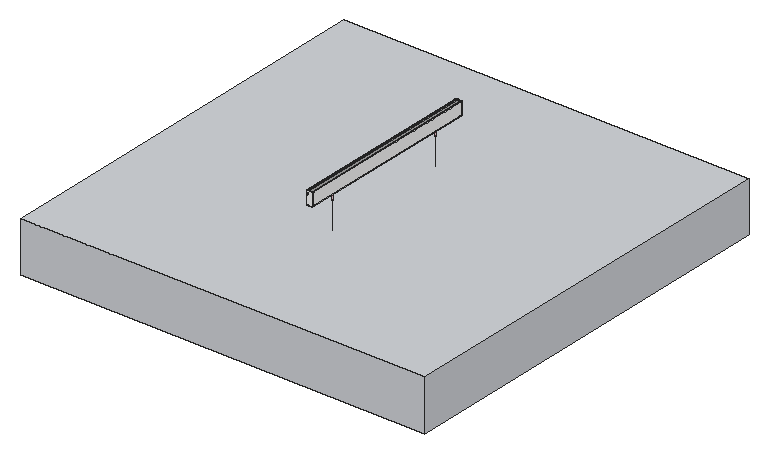
Revit family "LAMP_FIL 35 1120MM OPAL SUSPENDED", category Luminarias, Revit 2018
Family settings
  Anfitrión = Cara
  Cota de conector redondo = Diámetro de uso
  Tipo de pieza = Normal
  Corte con vacíos al cargar = No
  Origen de luz = Sí
  Compartido = No
  Punto de cálculo de habitación = No
Parameters (values of type "1216LM 3000K  BLACK")
  Ángulo de inclinación = -90.00°
  Weight = 2.435 kg
  Wattage = 12.1 W
  Type = "MID POWER TRIDONIC"
  built-in parameter 1150107 = 3000 (stored number, unit not read)
  NOT COVER 2 [instance] = not(END COVER 2)  # no
  NOT COVER 1 [instance] = not(END COVER 1)  # no
  END COVER 2 [instance] = yes
  END COVER 1 [instance] = yes
  Suspension distance [instance] = if(Suspension > 4000 mm, 4000 mm, if(Suspension < 1 mm, 1 mm, Suspension))  # 200 mm
  Suspension [instance] = 200 mm
  built-in parameter 1150110 = 1 (stored number, unit not read)
  built-in parameter 1150109 = 1 (stored number, unit not read)
  built-in parameter 1150112 = 1 (stored number, unit not read)
  built-in parameter 1150113 = 1 (stored number, unit not read)
  built-in parameter 1114218 = 1 (stored number, unit not read)
  Protection rating = "IP20 / IK07"
  Product datasheet = "http://www.lamp.es/product-files/TECH/F31SF112LOOP830NB-EN.pdf"
  Product code = "F31SF112LOOP830NB"
  Product URL = "https://www.lamp.es/en/family/fil-35_413911"
  Power Supply = "220-240V 50/60Hz"
  Power = 11 W
  Plum = 12.1 W
  Photobiological risk = ""
  built-in parameter 1150137 = (empty or 0)
  built-in parameter 1150132 = 2
  Modelo = Product code  # "F31SF112LOOP830NB"
  Model Explanation = ""
  Material suspension = LAMP_Acero genérico
  Material perfil = LAMP_Aluminio Perfil Fil NG
  Material difusor = LAMP_PC Difusor Opal Fil
  Manufacturer name = "LAMP"
  Manufacturer country = "Spain"
  Manufacturer URL = "http://www.lamp.es/en"
  MacAdam = "3"
  Longitud de línea de emisión = 1120 mm
  Last update = "28/04/2021"
  Lamp = "MID-POWER LED"
  LED Lifetime = "50.000 L90 B10"
  built-in parameter 1150105 = 480.53 (stored number, unit not read)
  built-in parameter 1150102 = (empty or 0)
  Insulation class = "I"
  Installation instructions = "https://www.lamp.es/product-files/INS/1004590-A%20INSTR.%20FIL35.pdf"
  built-in parameter 1150106 = 4.8053 (stored number, unit not read)
  IEE = "A+"
  Gear = "Electronic"
  Lumens = 1216.05 lm
  Finish = "Matte black RAL 9011"
  Color Filter = 16777215
  built-in parameter 1114217 = 1 (stored number, unit not read)
  built-in parameter 1150139 = (empty or 0)
  Fabricante = Manufacturer name  # "LAMP"
  Default Elevation = 1219.2 mm
  built-in parameter 1150104 = 9.3368 (stored number, unit not read)
  Efficacy = 100.5 lm/W
  Dimensions = "1120x35x80"
  Descripción = "FIL35 SUR 1120 1600 WW OPAL BK."
  built-in parameter 1150115 = 1 (stored number, unit not read)
  built-in parameter 1150114 = 1 (stored number, unit not read)
  built-in parameter 1150138 = (empty or 0)
  built-in parameter 1150134 = 3
  Dimming Lamp Color Temperature Shift = (empty or 0)
  CRI = "80"
  Archivo de red fotométrica = "F31SF112LOOP830NB.IES"
  built-in parameter 1150133 = 10 (stored number, unit not read)
Types (12, lengths in mm): name | built-in parameter 1150107 | Product datasheet | Product code | Modelo | Material perfil | Finish | Descripción | Archivo de red fotométrica
  1216LM 3000K DALI BLACK | 3000 (stored number, unit not read) | "http://www.lamp.es/product-files/TECH/F31SF112LOOP830DB-EN.pdf" | "F31SF112LOOP830DB" | "F31SF112LOOP830DB" | LAMP_Aluminio Perfil Fil NG | "Matte black RAL 9011" | "FIL35 SUR 1120 1600 WW OPAL DALI BK." | "F31SF112LOOP830nB.IES"
  1216LM 3000K DALI GREY | 3000 (stored number, unit not read) | "http://www.lamp.es/product-files/TECH/F31SF112LOOP830DG-EN.pdf" | "F31SF112LOOP830DG" | "F31SF112LOOP830DG" | LAMP_Aluminio Perfil Fil GR | "Gloss grey" | "FIL35 SUR 1120 1600 WW OPAL DALI GR." | "F31SF112LOOP830nG.IES"
  1216LM 3000K DALI WHITE | 3000 (stored number, unit not read) | "http://www.lamp.es/product-files/TECH/F31SF112LOOP830DW-EN.pdf" | "F31SF112LOOP830DW" | "F31SF112LOOP830DW" | LAMP_Aluminio Perfil Fil BL | "Matte white RAL 9010" | "FIL35 SUR 1120 1600 WW OPAL DALI WH." | "F31SF112LOOP830nW.IES"
  1216LM 3000K  BLACK | 3000 (stored number, unit not read) | "http://www.lamp.es/product-files/TECH/F31SF112LOOP830NB-EN.pdf" | "F31SF112LOOP830NB" | "F31SF112LOOP830NB" | LAMP_Aluminio Perfil Fil NG | "Matte black RAL 9011" | "FIL35 SUR 1120 1600 WW OPAL BK." | "F31SF112LOOP830NB.IES"
  1216LM 3000K  GREY | 3000 (stored number, unit not read) | "http://www.lamp.es/product-files/TECH/F31SF112LOOP830NG-EN.pdf" | "F31SF112LOOP830NG" | "F31SF112LOOP830NG" | LAMP_Aluminio Perfil Fil GR | "Gloss grey" | "FIL35 SUR 1120 1600 WW OPAL GR." | "F31SF112LOOP830NG.IES"
  1216LM 3000K  WHITE | 3000 (stored number, unit not read) | "http://www.lamp.es/product-files/TECH/F31SF112LOOP830NW-EN.pdf" | "F31SF112LOOP830NW" | "F31SF112LOOP830NW" | LAMP_Aluminio Perfil Fil BL | "Matte white RAL 9010" | "FIL35 SUR 1120 1600 WW OPAL WH." | "F31SF112LOOP830NW.IES"
  1216LM 4000K DALI BLACK | 4000 (stored number, unit not read) | "http://www.lamp.es/product-files/TECH/F31SF112LOOP840DB-EN.pdf" | "F31SF112LOOP840DB" | "F31SF112LOOP840DB" | LAMP_Aluminio Perfil Fil NG | "Matte black RAL 9011" | "FIL35 SUR 1120 1600 NW OPAL DALI BK." | "F31SF112LOOP840nB.IES"
  1216LM 4000K DALI GREY | 4000 (stored number, unit not read) | "http://www.lamp.es/product-files/TECH/F31SF112LOOP840DG-EN.pdf" | "F31SF112LOOP840DG" | "F31SF112LOOP840DG" | LAMP_Aluminio Perfil Fil GR | "Gloss grey" | "FIL35 SUR 1120 1600 NW OPAL DALI GR." | "F31SF112LOOP840nG.IES"
  1216LM 4000K DALI WHITE | 4000 (stored number, unit not read) | "http://www.lamp.es/product-files/TECH/F31SF112LOOP840DW-EN.pdf" | "F31SF112LOOP840DW" | "F31SF112LOOP840DW" | LAMP_Aluminio Perfil Fil BL | "Matte white RAL 9010" | "FIL35 SUR 1120 1600 NW OPAL DALI WH." | "F31SF112LOOP840nW.IES"
  1216LM 4000K  BLACK | 4000 (stored number, unit not read) | "http://www.lamp.es/product-files/TECH/F31SF112LOOP840NB-EN.pdf" | "F31SF112LOOP840NB" | "F31SF112LOOP840NB" | LAMP_Aluminio Perfil Fil NG | "Matte black RAL 9011" | "FIL35 SUR 1120 1600 NW OPAL BK." | "F31SF112LOOP840NB.IES"
  1216LM 4000K  GREY | 4000 (stored number, unit not read) | "http://www.lamp.es/product-files/TECH/F31SF112LOOP840NG-EN.pdf" | "F31SF112LOOP840NG" | "F31SF112LOOP840NG" | LAMP_Aluminio Perfil Fil GR | "Gloss grey" | "FIL35 SUR 1120 1600 NW OPAL GR." | "F31SF112LOOP840NG.IES"
  1216LM 4000K  WHITE | 4000 (stored number, unit not read) | "http://www.lamp.es/product-files/TECH/F31SF112LOOP840NW-EN.pdf" | "F31SF112LOOP840NW" | "F31SF112LOOP840NW" | LAMP_Aluminio Perfil Fil BL | "Matte white RAL 9010" | "FIL35 SUR 1120 1600 NW OPAL WH." | "F31SF112LOOP840NW.IES"
Reference planes
  plane 1 "Centro (Frontal/Posterior)": y = 0
  plane 2: z = 0
  plane 3 "Centro (Izquierda/Derecha)": x = 0
Forms (mm)
  Extrusion 1, solid
    sketch origin (0, 0, 0) x (1, 0, 0) y (0, 1, 0)
      loop
        line (-1219.2, 1219.2) -> (-1219.2, -1219.2) -> (1219.2, -1219.2) -> (1219.2, 1219.2) -> (-1219.2, 1219.2)
    from 0 to -304.8
  Extrusion 2, solid, material "LAMP_Aluminio Perfil Fil NG" <- "Material perfil"
    sketch origin (0, 0, 0) x (1, 0, 0) y (0, 0, 1)
      loop
        arc (17.75, 285.7) -> (16.75, 286.7) -> (15.75, 285.7) r 1
        line (15.75, 285.7) -> (15.75, 284.2) -> (13.95, 284.2) -> (13.95, 259) -> (0, 259) -> (-13.95, 259) -> (-13.95, 284.2) -> (-15.75, 284.2) -> (-15.75, 285.7)
        arc (-15.75, 285.7) -> (-16.75, 286.7) -> (-17.75, 285.7) r 1
        line (-17.75, 285.7) -> (-17.75, 206.5) -> (-16.75, 206.5) -> (-16.75, 209.7) -> (-12.5, 209.7) -> (-12.5, 207.7) -> (-14.8, 207.7) -> (-13.6, 206.5) -> (-11, 206.5) -> (-11, 214.5) -> (0, 214.5) -> (11, 214.5) -> (11, 206.5) -> (13.6, 206.5) -> (14.8, 207.7) -> (12.5, 207.7) -> (12.5, 209.7) -> (16.75, 209.7) -> (16.75, 206.5) -> (17.75, 206.5) -> (17.75, 285.7)
    from -560 to 560
  Extrusion 3, solid, material "LAMP_Acero genérico" <- "Material suspension"
    sketch origin (0, 0, 0) x (1, 0, 0) y (0, 0, 1)
      loop
        line (-12.5, 201) -> (-15.291, 208.272) -> (-13.251, 209.7) -> (-14.251, 209.7) -> (-16.291, 208.272) -> (-13.116, 200) -> (0, 200) -> (13.116, 200) -> (16.291, 208.272) -> (14.251, 209.7) -> (13.251, 209.7) -> (15.291, 208.272) -> (12.5, 201) -> (0, 201) -> (-12.5, 201)
    from -400 to -378
  Extrusion 4, solid, material "LAMP_Acero genérico" <- "Material suspension"
    sketch origin (0, -24, 0) x (1, 0, 0) y (0, 1, 0)
      loop
        circle (0, -365) r 5
    from 163.2 to 200
  Extrusion 5, solid, material "LAMP_Acero genérico" <- "Material suspension"
    sketch origin (0, 24, 0) x (1, 0, 0) y (0, 1, 0)
      loop
        circle (0, 365) r 5
    from 163.2 to 200
  Extrusion 6, solid, material "LAMP_Acero genérico" <- "Material suspension"
    sketch origin (0, 0, 0) x (1, 0, 0) y (0, 1, 0)
      loop
        circle (0, -389) r 1
    from 0 to 163.2
  Extrusion 7, solid, material "LAMP_Acero genérico" <- "Material suspension"
    sketch origin (0, 0, 0) x (1, 0, 0) y (0, 1, 0)
      loop
        circle (0, 389) r 1
    from 0 to 163.2
  Extrusion 8, solid, material "LAMP_PC Difusor Opal Fil" <- "Material difusor"
    sketch origin (0, 0, -200) x (1, 0, 0) y (0, 0, 1)
      loop
        line (-15.75, 484.2) -> (0, 484.2) -> (15.75, 484.2) -> (15.75, 486.7) -> (0, 486.7) -> (-15.75, 486.7) -> (-15.75, 484.2)
    from -560 to 560
  Extrusion 9, solid, material "LAMP_Acero genérico" <- "Material suspension"
    sketch origin (0, 0, 0) x (1, 0, 0) y (0, 0, -1)
      loop
        line (-12.5, -201) -> (0, -201) -> (12.5, -201) -> (15.291, -208.272) -> (13.251, -209.7) -> (14.251, -209.7) -> (16.291, -208.272) -> (13.116, -200) -> (0, -200) -> (-13.116, -200) -> (-16.291, -208.272) -> (-14.251, -209.7) -> (-13.251, -209.7) -> (-15.291, -208.272) -> (-12.5, -201)
    from -400 to -378
  Extrusion 10, solid, material "LAMP_PC Difusor Opal Fil" <- "Material difusor"
    sketch origin (0, 0, 0) x (1, 0, 0) y (0, 0, 1)
      loop
        line (-11, 214.5) -> (-11, 206.5) -> (-7.529, 206.5) -> (11, 206.5) -> (11, 214.5) -> (10, 214.5) -> (10, 207.5) -> (-10, 207.5) -> (-10, 214.5) -> (-11, 214.5)
    from -560 to 560
Lines and regions (mm)
  reference lines
    curve 1: line (0, -445.47, 200) -> (0, 544.53, 200)
Text (mm)
  text "Any modification of the parameters and properties of the LAMP BIM models must be executed and validated by the LAMP technical department.\nPhone: +34 93 736 68 00\nE-mail: lamp@lamp.es\n\nLAMP reserves the right to modify the technical specifications of its products." at (3252.211, 5261.782, -2790.614), in view "Preview"
Dimensions and locks
  "Suspension distance": level to curve 1
  locked: Extrusion 4 to Extrusion 4 at 36.8
  locked: Extrusion 5 to Extrusion 5 at 36.8
  aligned and locked: plane 2 to Extrusion 1
  aligned and locked: level to Extrusion 1
  aligned and locked: curve 1 to Extrusion 9
  aligned and locked: curve 1 to Extrusion 3
  aligned and locked: Extrusion 4 to curve 1
  aligned and locked: Extrusion 5 to curve 1
  aligned and locked: Extrusion 6 to Extrusion 4
  aligned and locked: Extrusion 7 to Extrusion 5
  aligned and locked: Extrusion 2 to Extrusion 9
  aligned and locked: Extrusion 10 to Extrusion 2
  aligned and locked: Extrusion 8 to Extrusion 2
  aligned and locked: imposter light to Extrusion 8
  aligned and locked: Extrusion 2 to nested 1
  aligned and locked: nested 2 to Extrusion 2
Automatic sketch dimensions
  Extrusion 1 sketch curve to Extrusion 1 sketch curve = 2438.4 mm  (x2)
  Extrusion 4 sketch curve to plane 3 "Centro (Izquierda/Derecha)" = 0 mm
  plane 1 "Centro (Frontal/Posterior)" to Extrusion 4 sketch curve = 389 mm
  Extrusion 5 sketch curve to plane 3 "Centro (Izquierda/Derecha)" = 0 mm
  plane 1 "Centro (Frontal/Posterior)" to Extrusion 5 sketch curve = 389 mm
  Extrusion 6 sketch curve to plane 3 "Centro (Izquierda/Derecha)" = 0 mm
  plane 1 "Centro (Frontal/Posterior)" to Extrusion 6 sketch curve = 389 mm
  Extrusion 7 sketch curve to plane 3 "Centro (Izquierda/Derecha)" = 0 mm
  plane 1 "Centro (Frontal/Posterior)" to Extrusion 7 sketch curve = 389 mm
  Extrusion 10 sketch curve to plane 3 "Centro (Izquierda/Derecha)" = 11 mm
  Extrusion 10 sketch curve to Extrusion 10 sketch curve = 1 mm  (x3)
  Extrusion 10 sketch curve to Extrusion 10 sketch curve = 2.471 mm
  plane 3 "Centro (Izquierda/Derecha)" to Extrusion 10 sketch curve = 10 mm
  level to Extrusion 10 sketch curve = 206.5 mm
  Extrusion 10 sketch curve to Extrusion 10 sketch curve = 7 mm  (x2)
  Extrusion 2 sketch curve to plane 3 "Centro (Izquierda/Derecha)" = 0 mm  (x2)
  Extrusion 2 sketch curve to Extrusion 2 sketch curve = 11 mm
  Extrusion 2 sketch curve to Extrusion 2 sketch curve = 1.5 mm  (x4)
  Extrusion 2 sketch curve to Extrusion 2 sketch curve = 1.1 mm  (x2)
  Extrusion 2 sketch curve to plane 3 "Centro (Izquierda/Derecha)" = 13.95 mm
  Extrusion 2 sketch curve to Extrusion 2 sketch curve = 1.2 mm  (x4)
  Extrusion 2 sketch curve to Extrusion 2 sketch curve = 1.8 mm  (x2)
  Extrusion 2 sketch curve to Extrusion 2 sketch curve = 1 mm  (x3)
  plane 3 "Centro (Izquierda/Derecha)" to Extrusion 2 sketch curve = 11 mm
  plane 3 "Centro (Izquierda/Derecha)" to Extrusion 2 sketch curve = 13.95 mm
  Extrusion 2 sketch curve to Extrusion 2 sketch curve = 1.95 mm
  level to Extrusion 2 sketch curve = 206.5 mm
  Extrusion 2 sketch curve to Extrusion 2 sketch curve = 0 mm  (x3)
  Extrusion 2 sketch curve to Extrusion 2 sketch curve = 2 mm  (x2)
  Extrusion 2 sketch curve to Extrusion 2 sketch curve = 4.8 mm
  Extrusion 2 sketch curve to Extrusion 2 sketch curve = 44.5 mm
  Extrusion 2 sketch curve to Extrusion 2 sketch curve = 25.2 mm
  Extrusion 2 sketch curve to Extrusion 2 sketch curve = 26.7 mm
  Extrusion 8 sketch curve to plane 3 "Centro (Izquierda/Derecha)" = 0 mm  (x2)
  Extrusion 8 sketch curve to Extrusion 8 sketch curve = 15.75 mm
  plane 3 "Centro (Izquierda/Derecha)" to Extrusion 8 sketch curve = 15.75 mm
  level to Extrusion 8 sketch curve = 284.2 mm
  Extrusion 9 sketch curve to plane 3 "Centro (Izquierda/Derecha)" = 0 mm  (x2)
  Extrusion 9 sketch curve to Extrusion 9 sketch curve = 12.5 mm
  Extrusion 9 sketch curve to Extrusion 9 sketch curve = 0.616 mm  (x2)
  Extrusion 9 sketch curve to Extrusion 9 sketch curve = 0.751 mm  (x2)
  Extrusion 9 sketch curve to Extrusion 9 sketch curve = 1 mm  (x5)
  Extrusion 9 sketch curve to Extrusion 9 sketch curve = 1.04 mm  (x2)
  plane 3 "Centro (Izquierda/Derecha)" to Extrusion 9 sketch curve = 12.5 mm
  level to Extrusion 9 sketch curve = 209.7 mm
  Extrusion 9 sketch curve to Extrusion 9 sketch curve = 0 mm  (x3)
  Extrusion 9 sketch curve to Extrusion 9 sketch curve = 1.428 mm  (x2)
  Extrusion 9 sketch curve to Extrusion 9 sketch curve = 7.272 mm
  Extrusion 3 sketch curve to plane 3 "Centro (Izquierda/Derecha)" = 0 mm  (x2)
  Extrusion 3 sketch curve to Extrusion 3 sketch curve = 12.5 mm
  Extrusion 3 sketch curve to Extrusion 3 sketch curve = 0.616 mm  (x2)
  Extrusion 3 sketch curve to Extrusion 3 sketch curve = 0.751 mm  (x2)
  Extrusion 3 sketch curve to Extrusion 3 sketch curve = 1 mm  (x5)
  Extrusion 3 sketch curve to Extrusion 3 sketch curve = 1.04 mm  (x2)
  plane 3 "Centro (Izquierda/Derecha)" to Extrusion 3 sketch curve = 12.5 mm
  level to Extrusion 3 sketch curve = 200 mm
  Extrusion 3 sketch curve to Extrusion 3 sketch curve = 7.272 mm  (x2)
  Extrusion 3 sketch curve to Extrusion 3 sketch curve = 0 mm  (x2)
  Extrusion 3 sketch curve to Extrusion 3 sketch curve = 1.428 mm  (x2)
  Extrusion 8 sketch curve to Extrusion 8 sketch curve = 2.5 mm
  plane 1 "Centro (Frontal/Posterior)" to curve 1 = 445.47 mm
  curve 1 to plane 1 "Centro (Frontal/Posterior)" = 544.53 mm
  radius of Extrusion 4 sketch curve = 5 mm
  radius of Extrusion 5 sketch curve = 5 mm
  radius of Extrusion 6 sketch curve = 1 mm
  radius of Extrusion 7 sketch curve = 1 mm
Nested families
  nested 1: "LAMP_FIL 35 END COVER SURFACE" at (0, -561.4, 206.5), visible <- "END COVER 1", type "Blanco"
  nested 2: "LAMP_FIL 35 END COVER SURFACE" at (0, 561.4, 206.5), visible <- "END COVER 2", type "Blanco"
Connectors
  electrical at (0, 389, 200)
    settings: on Extrusion 5, index 1, voltage 230 V, apparent load 0 VA, apparent load phase1 0 VA, apparent load phase2 0 VA, apparent load phase3 0 VA, power factor 1, load classification "Otro", number of poles 1, system type 31, power factor state 1, is connector primary yes, connector utility no, sub classification motor no, connector description ""
Definition of nested family "LAMP_FIL 35 END COVER SURFACE"
  Parameters (values of type "Blanco")
    Material tapa = none
  Reference planes
    plane 1 "Centro (Frontal/Posterior)": y = 0
    plane 2: z = 0
    plane 3 "Centro (Izquierda/Derecha)": x = 0
  Forms (mm)
    Extrusion 1, solid, material <- "Material tapa"
      sketch origin (0, 0, 0) x (0, -1, 0) y (0, 0, 1)
        loop
          line (0, 0) -> (1.4, 0) -> (1.4, 80.5) -> (-1.4, 80.5) -> (-1.4, 0) -> (0, 0)
      from -17.8 to 17.8
  Dimensions and locks
    aligned and locked: level to plane 2
